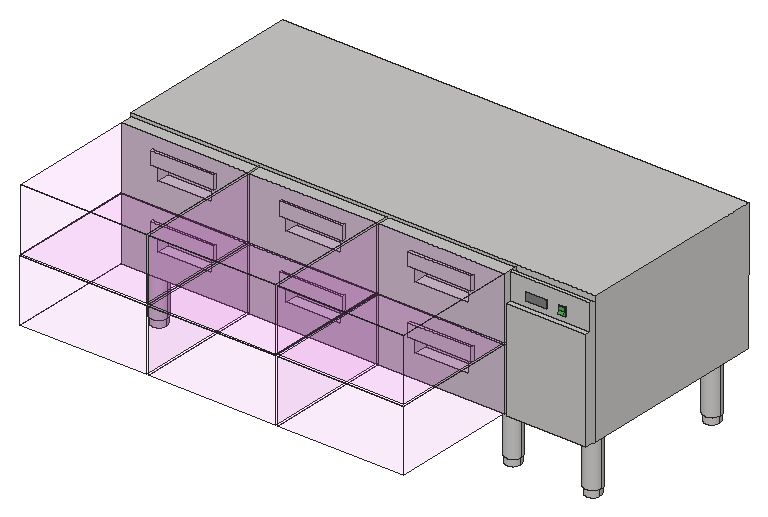
Revit family "QF_ELECTROLUXPROFESSIONAL_371296_E7TTBECOMKN", category Specialty Equipment, Revit 2018
Family settings
  Round Connector Dimension = Use Diameter
  Part Type = Normal
  Work Plane-Based = No
  Always vertical = Yes
  Cut with Voids When Loaded = No
  Shared = No
  Room Calculation Point = No
Parameters
  Weight = 110.00 kg
  Watts = 0 W
  Volts = 0 V
  URL Manufacturer = ""
  URL = ""
  Steam Supply Size = 0 mm
  Steam Supply Minimum Pressure = 0.0 Pa
  Steam Supply Maximum Pressure = 0.0 Pa
  Steam Pounds per Hour = 0
  Refrigeration Suction Line Size = 0 mm
  Refrigeration Liquid Line Size = 0 mm
  Refrigerant Compressor Remote = yes
  Manufacturer = ""
  Phase = 0
  Model = ""
  Length Actual = 1600 mm  # constant formula
  Item Number = ""
  Hot Water Size = 0 mm
  Height Actual = 600 mm  # constant formula
  HP = "0.5 HP"
  Gas Size = 0 mm
  Gas KW = 0
  Gas Input Pressure = 0 W
  Direct Waste Size = 12.7 mm
  Description = ""
  Depth Actual = 700 mm  # constant formula
  Cycle = 0 Hz
  Condensate Return Size = 0 mm
  Compressed Air Volume = 0.0 L/s
  Compressed Air Size = 0 mm
  Compressed Air Pressure = 0.0 Pa
  Cold Water Size = 0 mm
  Accessory = yes
Reference planes
  plane 1 "Center X": y = 0
  plane 2: z = 0
  plane 3 "Centro (Sinistra/Destra)": x = 0
  plane 4: z = 200
  plane 5 "TOP": z = 650
  plane 6 "BACK": y = 350
  plane 7 "FRONT": y = -350
  plane 8 "LEFT": x = -800
  plane 9 "RIGHT": x = 800
  plane 10: y = -303
  plane 11: y = -348
  plane 12: x = -745
  plane 13: x = 745
  plane 14: x = 471
  plane 15: y = 262
  plane 16: y = -249
  plane 17: x = 286
  plane 18: x = -799
  plane 19: x = 799
  plane 20: y = 190
  plane 21: x = 758
  plane 22: z = 425
  plane 23: z = 422.5
  plane 24: z = 427.5
Forms (mm)
  Extrusion 1, solid, material "QF_Finishes_Stainless Steel"
    sketch origin (0, 0, 650) x (-1, 0, 0) y (0, -1, 0)
      loop
        line (799, -350) -> (799, 303) -> (-799, 303) -> (-799, -350) -> (799, -350)
    from -450 to 0
  Extrusion 2, solid, material "QF_Finishes_Stainless Steel"
    sketch origin (200, -342.999, 0) x (-1, 0, 0) y (0, 0, 1)
      loop
        line (995, 427.5) -> (995, 640.994) -> (560.999, 640.994) -> (560.999, 427.5) -> (995, 427.5)
      loop
        line (871.3, 506.706) -> (871.3, 585) -> (684.699, 585) -> (684.699, 506.706) -> (871.3, 506.706)
    from -5.001 to 39.999
  Extrusion 3, solid, material "QF_Door-Drawer Clearances"
    sketch origin (200, -348, 0) x (1, 0, 0) y (0, 0, 1)
      loop
        line (-995, 640.994) -> (-995, 427.5) -> (-560.999, 427.5) -> (-560.999, 640.994) -> (-995, 640.994)
    from 0 to 434
  Extrusion 4, solid, material "QF_Finishes_Stainless Steel"
    sketch origin (204, -348, 0) x (1, 0, 0) y (0, 0, 1)
      loop
        line (-890.3, 598.969) -> (-890.3, 553.969) -> (-673.699, 553.969) -> (-673.699, 598.969) -> (-890.3, 598.969)
    from 0 to 10
  Extrusion 5, solid, material "QF_Finishes_Stainless Steel"
    sketch origin (198, 0, 0) x (1, 0, 0) y (0, 1, 0)
      loop
        circle (560, 190) r 6
    from 189.987 to 200
  Extrusion 6, solid, material "QF_Finishes_Stainless Steel"
    sketch origin (798, 66.551, 0) x (0, 1, 0) y (0, 0, 1)
      loop
        line (-369.551, 629.527) -> (-386.314, 640.994) -> (-397.65, 640.994) -> (-397.65, 549.796) -> (-414.551, 549.796) -> (-414.551, 204.796) -> (-384.714, 204.796) -> (-374.993, 200) -> (-369.551, 200) -> (-369.551, 629.527)
    from 0 to -271
  Extrusion 7, solid, material "QF_Finishes_Black"
    sketch origin (782, -331.099, 630.994) x (0, 0, -1) y (1, 0, 0)
      loop
        line (32.198, -86.899) -> (61.199, -86.899) -> (61.199, -64.9) -> (32.198, -64.9) -> (32.198, -86.899)
    from 0 to 1.6
  Extrusion 8, solid, material "QF_Finishes_Grey"
    sketch origin (788, -331.099, 630.994) x (0, 0, -1) y (1, 0, 0)
      loop
        line (32.198, -206.099) -> (61.199, -206.099) -> (61.199, -136.099) -> (32.198, -136.099) -> (32.198, -206.099)
    from 0 to 1.6
  Extrusion 9, solid, material "QF_Finishes_Green"
    sketch origin (717.1, -331.099, 598.796) x (0, 0, -1) y (0, 1, 0)
      loop
        line (2.279, -3.281) -> (14.5, -3.281) -> (25.308, -8.985)
        arc (25.308, -8.985) -> (26.537, -5.394) -> (26.605, -1.6) r 12.221
        line (26.605, -1.6) -> (2.395, -1.6)
        arc (2.395, -1.6) -> (2.308, -2.439) -> (2.279, -3.281) r 12.221
    from -20 to -2
  Extrusion 10, solid, material "QF_Finishes_Stainless Steel"
    sketch origin (644.031, -342.999, 0) x (-1, 0, 0) y (0, 0, 1)
      loop
        line (997, 427.5) -> (997, 640.994) -> (563, 640.994) -> (563, 427.5) -> (997, 427.5)
      loop
        line (873.3, 506.706) -> (873.3, 585) -> (686.699, 585) -> (686.699, 506.706) -> (873.3, 506.706)
    from -5.001 to 39.999
  Extrusion 11, solid, material "QF_Door-Drawer Clearances"
    sketch origin (644.031, -348, 0) x (1, 0, 0) y (0, 0, 1)
      loop
        line (-997, 640.994) -> (-997, 427.5) -> (-563, 427.5) -> (-563, 640.994) -> (-997, 640.994)
    from 0 to 434
  Extrusion 12, solid, material "QF_Finishes_Stainless Steel"
    sketch origin (647.732, -348, 0) x (1, 0, 0) y (0, 0, 1)
      loop
        line (-892.001, 598.969) -> (-892.001, 553.969) -> (-675.4, 553.969) -> (-675.4, 598.969) -> (-892.001, 598.969)
    from 0 to 10
  Extrusion 13, solid, material "QF_Finishes_Stainless Steel"
    sketch origin (1076.461, -342.999, 0) x (-1, 0, 0) y (0, 0, 1)
      loop
        line (553.461, 427.5) -> (987.5, 427.5) -> (987.5, 640.994) -> (553.461, 640.994) -> (553.461, 427.5)
      loop
        line (863.8, 506.706) -> (863.8, 585) -> (677.199, 585) -> (677.199, 506.706) -> (863.8, 506.706)
    from -5.001 to 39.999
  Extrusion 14, solid, material "QF_Door-Drawer Clearances"
    sketch origin (1076.461, -348, 0) x (1, 0, 0) y (0, 0, 1)
      loop
        line (-553.461, 640.994) -> (-987.5, 640.994) -> (-987.5, 427.5) -> (-553.461, 427.5) -> (-553.461, 640.994)
    from 0 to 434
  Extrusion 15, solid, material "QF_Finishes_Stainless Steel"
    sketch origin (1076.461, -348, 0) x (1, 0, 0) y (0, 0, 1)
      loop
        line (-878.8, 598.969) -> (-878.8, 553.969) -> (-662.199, 553.969) -> (-662.199, 598.969) -> (-878.8, 598.969)
    from 0 to 10
  Extrusion 16, solid, material "QF_Finishes_Stainless Steel"
    sketch origin (200, -342.999, -218.494) x (-1, 0, 0) y (0, 0, 1)
      loop
        line (995, 427.5) -> (995, 640.994) -> (560.999, 640.994) -> (560.999, 427.5) -> (995, 427.5)
      loop
        line (871.3, 506.706) -> (871.3, 585) -> (684.699, 585) -> (684.699, 506.706) -> (871.3, 506.706)
    from -5.001 to 39.999
  Extrusion 17, solid, material "QF_Door-Drawer Clearances"
    sketch origin (200, -348, -218.494) x (1, 0, 0) y (0, 0, 1)
      loop
        line (-995, 640.994) -> (-995, 427.5) -> (-560.999, 427.5) -> (-560.999, 640.994) -> (-995, 640.994)
    from 0 to 434
  Extrusion 18, solid, material "QF_Finishes_Stainless Steel"
    sketch origin (204, -348, -218.494) x (1, 0, 0) y (0, 0, 1)
      loop
        line (-890.3, 598.969) -> (-890.3, 553.969) -> (-673.699, 553.969) -> (-673.699, 598.969) -> (-890.3, 598.969)
    from 0 to 10
  Extrusion 19, solid, material "QF_Finishes_Stainless Steel"
    sketch origin (644.031, -342.999, -218.494) x (-1, 0, 0) y (0, 0, 1)
      loop
        line (997, 427.5) -> (997, 640.994) -> (563, 640.994) -> (563, 427.5) -> (997, 427.5)
      loop
        line (873.3, 506.706) -> (873.3, 585) -> (686.699, 585) -> (686.699, 506.706) -> (873.3, 506.706)
    from -5.001 to 39.999
  Extrusion 20, solid, material "QF_Door-Drawer Clearances"
    sketch origin (644.031, -348, -218.494) x (1, 0, 0) y (0, 0, 1)
      loop
        line (-997, 640.994) -> (-997, 427.5) -> (-563, 427.5) -> (-563, 640.994) -> (-997, 640.994)
    from 0 to 434
  Extrusion 21, solid, material "QF_Finishes_Stainless Steel"
    sketch origin (647.732, -348, -218.494) x (1, 0, 0) y (0, 0, 1)
      loop
        line (-892.001, 598.969) -> (-892.001, 553.969) -> (-675.4, 553.969) -> (-675.4, 598.969) -> (-892.001, 598.969)
    from 0 to 10
  Extrusion 22, solid, material "QF_Finishes_Stainless Steel"
    sketch origin (1082.461, -342.999, -218.494) x (-1, 0, 0) y (0, 0, 1)
      loop
        line (559.461, 427.5) -> (993.5, 427.5) -> (993.5, 640.994) -> (559.461, 640.994) -> (559.461, 427.5)
      loop
        line (869.8, 506.706) -> (869.8, 585) -> (683.199, 585) -> (683.199, 506.706) -> (869.8, 506.706)
    from -5.001 to 39.999
  Extrusion 23, solid, material "QF_Door-Drawer Clearances"
    sketch origin (1082.461, -348, -218.494) x (1, 0, 0) y (0, 0, 1)
      loop
        line (-559.461, 640.994) -> (-993.5, 640.994) -> (-993.5, 427.5) -> (-559.461, 427.5) -> (-559.461, 640.994)
    from 0 to 434
  Extrusion 24, solid, material "QF_Finishes_Stainless Steel"
    sketch origin (1082.461, -348, -218.494) x (1, 0, 0) y (0, 0, 1)
      loop
        line (-884.8, 598.969) -> (-884.8, 553.969) -> (-668.199, 553.969) -> (-668.199, 598.969) -> (-884.8, 598.969)
    from 0 to 10
Lines and regions (mm)
  Split face 1
    outline origin (788, -332.699, 630.994) x (0, 0, -1) y (1, 0, 0)
      loop
        line (37.198, -196.099) -> (52.198, -196.099) -> (52.198, -146.099) -> (37.198, -146.099) -> (37.198, -196.099)
  Split face 2
    outline origin (788, -332.699, 630.994) x (0, 0, -1) y (1, 0, 0)
      loop
        circle (44.698, -143.099) r 1.2
  Split face 3
    outline origin (788, -332.699, 630.994) x (0, 0, -1) y (1, 0, 0)
      loop
        circle (39.698, -143.099) r 1.2
  Split face 4
    outline origin (788, -332.699, 630.994) x (0, 0, -1) y (1, 0, 0)
      loop
        circle (49.698, -143.099) r 1.2
  Split face 5
    outline origin (788, -332.699, 630.994) x (0, 0, -1) y (1, 0, 0)
      loop
        circle (39.698, -199.099) r 1.2
  Split face 6
    outline origin (788, -332.699, 630.994) x (0, 0, -1) y (1, 0, 0)
      loop
        circle (44.698, -199.099) r 1.2
  Split face 7
    outline origin (788, -332.699, 630.994) x (0, 0, -1) y (1, 0, 0)
      loop
        circle (49.698, -199.099) r 1.2
  Split face 8
    outline origin (788, -332.699, 630.994) x (0, 0, -1) y (1, 0, 0)
      loop
        line (59.151, -196.099) -> (59.151, -185.099) -> (54.151, -185.099) -> (54.151, -196.099) -> (59.151, -196.099)
  Split face 9
    outline origin (788, -332.699, 630.994) x (0, 0, -1) y (1, 0, 0)
      loop
        line (54.151, -183.099) -> (59.151, -183.099) -> (59.151, -172.099) -> (54.151, -172.099) -> (54.151, -183.099)
  Split face 10
    outline origin (801, -332.699, 630.994) x (0, 0, -1) y (1, 0, 0)
      loop
        line (54.151, -183.099) -> (59.151, -183.099) -> (59.151, -172.099) -> (54.151, -172.099) -> (54.151, -183.099)
  Split face 11
    outline origin (814, -332.699, 630.994) x (0, 0, -1) y (1, 0, 0)
      loop
        line (54.151, -183.099) -> (59.151, -183.099) -> (59.151, -172.099) -> (54.151, -172.099) -> (54.151, -183.099)
  Split face 12
    outline origin (798, -348, 412.291) x (0, 0, -1) y (1, 0, 0)
      loop
        arc (-85.025, -240.599) -> (-81.004, -236.61) -> (-85.004, -232.599) r 4
        line (-85.004, -232.599) -> (-117.004, -232.599)
        arc (-117.004, -232.599) -> (-121.004, -236.61) -> (-116.984, -240.599) r 4
        line (-116.984, -240.599) -> (-85.025, -240.599)
  Split face 13
    outline origin (810, -348, 412.291) x (0, 0, -1) y (1, 0, 0)
      loop
        arc (-85.025, -240.599) -> (-81.004, -236.61) -> (-85.004, -232.599) r 4
        line (-85.004, -232.599) -> (-117.004, -232.599)
        arc (-117.004, -232.599) -> (-121.004, -236.61) -> (-116.984, -240.599) r 4
        line (-116.984, -240.599) -> (-85.025, -240.599)
  Split face 14
    outline origin (822, -348, 412.291) x (0, 0, -1) y (1, 0, 0)
      loop
        arc (-85.025, -240.599) -> (-81.004, -236.61) -> (-85.004, -232.599) r 4
        line (-85.004, -232.599) -> (-117.004, -232.599)
        arc (-117.004, -232.599) -> (-121.004, -236.61) -> (-116.984, -240.599) r 4
        line (-116.984, -240.599) -> (-85.025, -240.599)
  Split face 15
    outline origin (833.897, -348, 412.291) x (0, 0, -1) y (1, 0, 0)
      loop
        arc (-85.025, -240.599) -> (-81.004, -236.61) -> (-85.004, -232.599) r 4
        line (-85.004, -232.599) -> (-117.004, -232.599)
        arc (-117.004, -232.599) -> (-121.004, -236.61) -> (-116.984, -240.599) r 4
        line (-116.984, -240.599) -> (-85.025, -240.599)
  Split face 16
    outline origin (845.896, -348, 412.291) x (0, 0, -1) y (1, 0, 0)
      loop
        arc (-85.025, -240.599) -> (-81.004, -236.61) -> (-85.004, -232.599) r 4
        line (-85.004, -232.599) -> (-117.004, -232.599)
        arc (-117.004, -232.599) -> (-121.004, -236.61) -> (-116.984, -240.599) r 4
        line (-116.984, -240.599) -> (-85.025, -240.599)
  Split face 17
    outline origin (857.896, -348, 412.291) x (0, 0, -1) y (1, 0, 0)
      loop
        arc (-85.025, -240.599) -> (-81.004, -236.61) -> (-85.004, -232.599) r 4
        line (-85.004, -232.599) -> (-117.004, -232.599)
        arc (-117.004, -232.599) -> (-121.004, -236.61) -> (-116.984, -240.599) r 4
        line (-116.984, -240.599) -> (-85.025, -240.599)
  Split face 18
    outline origin (869.896, -348, 412.291) x (0, 0, -1) y (1, 0, 0)
      loop
        arc (-85.025, -240.599) -> (-81.004, -236.61) -> (-85.004, -232.599) r 4
        line (-85.004, -232.599) -> (-117.004, -232.599)
        arc (-117.004, -232.599) -> (-121.004, -236.61) -> (-116.984, -240.599) r 4
        line (-116.984, -240.599) -> (-85.025, -240.599)
  Split face 19
    outline origin (881.897, -348, 412.291) x (0, 0, -1) y (1, 0, 0)
      loop
        arc (-85.025, -240.599) -> (-81.004, -236.61) -> (-85.004, -232.599) r 4
        line (-85.004, -232.599) -> (-117.004, -232.599)
        arc (-117.004, -232.599) -> (-121.004, -236.61) -> (-116.984, -240.599) r 4
        line (-116.984, -240.599) -> (-85.025, -240.599)
  Split face 20
    outline origin (893.896, -348, 412.291) x (0, 0, -1) y (1, 0, 0)
      loop
        arc (-85.025, -240.599) -> (-81.004, -236.61) -> (-85.004, -232.599) r 4
        line (-85.004, -232.599) -> (-117.004, -232.599)
        arc (-117.004, -232.599) -> (-121.004, -236.61) -> (-116.984, -240.599) r 4
        line (-116.984, -240.599) -> (-85.025, -240.599)
  Split face 21
    outline origin (905.896, -348, 412.291) x (0, 0, -1) y (1, 0, 0)
      loop
        arc (-85.025, -242.399) -> (-81.004, -238.41) -> (-85.004, -234.4) r 4
        line (-85.004, -234.4) -> (-117.004, -234.4)
        arc (-117.004, -234.4) -> (-121.004, -238.41) -> (-116.984, -242.399) r 4
        line (-116.984, -242.399) -> (-85.025, -242.399)
  Split face 22
    outline origin (917.896, -348, 412.291) x (0, 0, -1) y (1, 0, 0)
      loop
        arc (-85.025, -242.399) -> (-81.004, -238.41) -> (-85.004, -234.4) r 4
        line (-85.004, -234.4) -> (-117.004, -234.4)
        arc (-117.004, -234.4) -> (-121.004, -238.41) -> (-116.984, -242.399) r 4
        line (-116.984, -242.399) -> (-85.025, -242.399)
  Split face 23
    outline origin (929.896, -348, 412.291) x (0, 0, -1) y (1, 0, 0)
      loop
        arc (-85.025, -242.399) -> (-81.004, -238.41) -> (-85.004, -234.4) r 4
        line (-85.004, -234.4) -> (-117.004, -234.4)
        arc (-117.004, -234.4) -> (-121.004, -238.41) -> (-116.984, -242.399) r 4
        line (-116.984, -242.399) -> (-85.025, -242.399)
  Split face 24
    outline origin (941.896, -348, 412.291) x (0, 0, -1) y (1, 0, 0)
      loop
        arc (-85.025, -242.399) -> (-81.004, -238.41) -> (-85.004, -234.4) r 4
        line (-85.004, -234.4) -> (-117.004, -234.4)
        arc (-117.004, -234.4) -> (-121.004, -238.41) -> (-116.984, -242.399) r 4
        line (-116.984, -242.399) -> (-85.025, -242.399)
  Split face 25
    outline origin (953.896, -348, 412.291) x (0, 0, -1) y (1, 0, 0)
      loop
        arc (-85.025, -242.399) -> (-81.004, -238.41) -> (-85.004, -234.4) r 4
        line (-85.004, -234.4) -> (-117.004, -234.4)
        arc (-117.004, -234.4) -> (-121.004, -238.41) -> (-116.984, -242.399) r 4
        line (-116.984, -242.399) -> (-85.025, -242.399)
  Split face 26
    outline origin (965.896, -348, 412.291) x (0, 0, -1) y (1, 0, 0)
      loop
        arc (-85.025, -242.399) -> (-81.004, -238.41) -> (-85.004, -234.4) r 4
        line (-85.004, -234.4) -> (-117.004, -234.4)
        arc (-117.004, -234.4) -> (-121.004, -238.41) -> (-116.984, -242.399) r 4
        line (-116.984, -242.399) -> (-85.025, -242.399)
  Split face 27
    outline origin (977.896, -348, 412.291) x (0, 0, -1) y (1, 0, 0)
      loop
        arc (-85.025, -242.399) -> (-81.004, -238.41) -> (-85.004, -234.4) r 4
        line (-85.004, -234.4) -> (-117.004, -234.4)
        arc (-117.004, -234.4) -> (-121.004, -238.41) -> (-116.984, -242.399) r 4
        line (-116.984, -242.399) -> (-85.025, -242.399)
  Split face 28
    outline origin (989.896, -348, 412.291) x (0, 0, -1) y (1, 0, 0)
      loop
        arc (-85.025, -242.399) -> (-81.004, -238.41) -> (-85.004, -234.4) r 4
        line (-85.004, -234.4) -> (-117.004, -234.4)
        arc (-117.004, -234.4) -> (-121.004, -238.41) -> (-116.984, -242.399) r 4
        line (-116.984, -242.399) -> (-85.025, -242.399)
  Split face 29
    outline origin (1001.896, -348, 412.291) x (0, 0, -1) y (1, 0, 0)
      loop
        arc (-85.025, -242.399) -> (-81.004, -238.41) -> (-85.004, -234.4) r 4
        line (-85.004, -234.4) -> (-117.004, -234.4)
        arc (-117.004, -234.4) -> (-121.004, -238.41) -> (-116.984, -242.399) r 4
        line (-116.984, -242.399) -> (-85.025, -242.399)
  Split face 30
    outline origin (1013.896, -348, 412.291) x (0, 0, -1) y (1, 0, 0)
      loop
        arc (-85.025, -242.399) -> (-81.004, -238.41) -> (-85.004, -234.4) r 4
        line (-85.004, -234.4) -> (-117.004, -234.4)
        arc (-117.004, -234.4) -> (-121.004, -238.41) -> (-116.984, -242.399) r 4
        line (-116.984, -242.399) -> (-85.025, -242.399)
  Split face 31
    outline origin (786, -348, 412.291) x (0, 0, -1) y (1, 0, 0)
      loop
        arc (-85.025, -240.599) -> (-81.004, -236.61) -> (-85.004, -232.599) r 4
        line (-85.004, -232.599) -> (-117.004, -232.599)
        arc (-117.004, -232.599) -> (-121.004, -236.61) -> (-116.984, -240.599) r 4
        line (-116.984, -240.599) -> (-85.025, -240.599)
  Split face 32
    outline origin (798, -348, 367.29) x (0, 0, -1) y (1, 0, 0)
      loop
        arc (-85.025, -240.599) -> (-81.004, -236.61) -> (-85.004, -232.599) r 4
        line (-85.004, -232.599) -> (-117.004, -232.599)
        arc (-117.004, -232.599) -> (-121.004, -236.61) -> (-116.984, -240.599) r 4
        line (-116.984, -240.599) -> (-85.025, -240.599)
  Split face 33
    outline origin (810, -348, 367.29) x (0, 0, -1) y (1, 0, 0)
      loop
        arc (-85.025, -240.599) -> (-81.004, -236.61) -> (-85.004, -232.599) r 4
        line (-85.004, -232.599) -> (-117.004, -232.599)
        arc (-117.004, -232.599) -> (-121.004, -236.61) -> (-116.984, -240.599) r 4
        line (-116.984, -240.599) -> (-85.025, -240.599)
  Split face 34
    outline origin (822, -348, 367.29) x (0, 0, -1) y (1, 0, 0)
      loop
        arc (-85.025, -240.599) -> (-81.004, -236.61) -> (-85.004, -232.599) r 4
        line (-85.004, -232.599) -> (-117.004, -232.599)
        arc (-117.004, -232.599) -> (-121.004, -236.61) -> (-116.984, -240.599) r 4
        line (-116.984, -240.599) -> (-85.025, -240.599)
  Split face 35
    outline origin (833.897, -348, 367.29) x (0, 0, -1) y (1, 0, 0)
      loop
        arc (-85.025, -240.599) -> (-81.004, -236.61) -> (-85.004, -232.599) r 4
        line (-85.004, -232.599) -> (-117.004, -232.599)
        arc (-117.004, -232.599) -> (-121.004, -236.61) -> (-116.984, -240.599) r 4
        line (-116.984, -240.599) -> (-85.025, -240.599)
  Split face 36
    outline origin (845.896, -348, 367.29) x (0, 0, -1) y (1, 0, 0)
      loop
        arc (-85.025, -240.599) -> (-81.004, -236.61) -> (-85.004, -232.599) r 4
        line (-85.004, -232.599) -> (-117.004, -232.599)
        arc (-117.004, -232.599) -> (-121.004, -236.61) -> (-116.984, -240.599) r 4
        line (-116.984, -240.599) -> (-85.025, -240.599)
  Split face 37
    outline origin (857.896, -348, 367.29) x (0, 0, -1) y (1, 0, 0)
      loop
        arc (-85.025, -240.599) -> (-81.004, -236.61) -> (-85.004, -232.599) r 4
        line (-85.004, -232.599) -> (-117.004, -232.599)
        arc (-117.004, -232.599) -> (-121.004, -236.61) -> (-116.984, -240.599) r 4
        line (-116.984, -240.599) -> (-85.025, -240.599)
  Split face 38
    outline origin (869.896, -348, 367.29) x (0, 0, -1) y (1, 0, 0)
      loop
        arc (-85.025, -240.599) -> (-81.004, -236.61) -> (-85.004, -232.599) r 4
        line (-85.004, -232.599) -> (-117.004, -232.599)
        arc (-117.004, -232.599) -> (-121.004, -236.61) -> (-116.984, -240.599) r 4
        line (-116.984, -240.599) -> (-85.025, -240.599)
  Split face 39
    outline origin (881.897, -348, 367.29) x (0, 0, -1) y (1, 0, 0)
      loop
        arc (-85.025, -240.599) -> (-81.004, -236.61) -> (-85.004, -232.599) r 4
        line (-85.004, -232.599) -> (-117.004, -232.599)
        arc (-117.004, -232.599) -> (-121.004, -236.61) -> (-116.984, -240.599) r 4
        line (-116.984, -240.599) -> (-85.025, -240.599)
  Split face 40
    outline origin (893.896, -348, 367.29) x (0, 0, -1) y (1, 0, 0)
      loop
        arc (-85.025, -240.599) -> (-81.004, -236.61) -> (-85.004, -232.599) r 4
        line (-85.004, -232.599) -> (-117.004, -232.599)
        arc (-117.004, -232.599) -> (-121.004, -236.61) -> (-116.984, -240.599) r 4
        line (-116.984, -240.599) -> (-85.025, -240.599)
  Split face 41
    outline origin (905.896, -348, 367.29) x (0, 0, -1) y (1, 0, 0)
      loop
        arc (-85.025, -242.399) -> (-81.004, -238.41) -> (-85.004, -234.4) r 4
        line (-85.004, -234.4) -> (-117.004, -234.4)
        arc (-117.004, -234.4) -> (-121.004, -238.41) -> (-116.984, -242.399) r 4
        line (-116.984, -242.399) -> (-85.025, -242.399)
  Split face 42
    outline origin (917.896, -348, 367.29) x (0, 0, -1) y (1, 0, 0)
      loop
        arc (-85.025, -242.399) -> (-81.004, -238.41) -> (-85.004, -234.4) r 4
        line (-85.004, -234.4) -> (-117.004, -234.4)
        arc (-117.004, -234.4) -> (-121.004, -238.41) -> (-116.984, -242.399) r 4
        line (-116.984, -242.399) -> (-85.025, -242.399)
  Split face 43
    outline origin (929.896, -348, 367.29) x (0, 0, -1) y (1, 0, 0)
      loop
        arc (-85.025, -242.399) -> (-81.004, -238.41) -> (-85.004, -234.4) r 4
        line (-85.004, -234.4) -> (-117.004, -234.4)
        arc (-117.004, -234.4) -> (-121.004, -238.41) -> (-116.984, -242.399) r 4
        line (-116.984, -242.399) -> (-85.025, -242.399)
  Split face 44
    outline origin (941.896, -348, 367.29) x (0, 0, -1) y (1, 0, 0)
      loop
        arc (-85.025, -242.399) -> (-81.004, -238.41) -> (-85.004, -234.4) r 4
        line (-85.004, -234.4) -> (-117.004, -234.4)
        arc (-117.004, -234.4) -> (-121.004, -238.41) -> (-116.984, -242.399) r 4
        line (-116.984, -242.399) -> (-85.025, -242.399)
  Split face 45
    outline origin (953.896, -348, 367.29) x (0, 0, -1) y (1, 0, 0)
      loop
        arc (-85.025, -242.399) -> (-81.004, -238.41) -> (-85.004, -234.4) r 4
        line (-85.004, -234.4) -> (-117.004, -234.4)
        arc (-117.004, -234.4) -> (-121.004, -238.41) -> (-116.984, -242.399) r 4
        line (-116.984, -242.399) -> (-85.025, -242.399)
  Split face 46
    outline origin (965.896, -348, 367.29) x (0, 0, -1) y (1, 0, 0)
      loop
        arc (-85.025, -242.399) -> (-81.004, -238.41) -> (-85.004, -234.4) r 4
        line (-85.004, -234.4) -> (-117.004, -234.4)
        arc (-117.004, -234.4) -> (-121.004, -238.41) -> (-116.984, -242.399) r 4
        line (-116.984, -242.399) -> (-85.025, -242.399)
  Split face 47
    outline origin (977.896, -348, 367.29) x (0, 0, -1) y (1, 0, 0)
      loop
        arc (-85.025, -242.399) -> (-81.004, -238.41) -> (-85.004, -234.4) r 4
        line (-85.004, -234.4) -> (-117.004, -234.4)
        arc (-117.004, -234.4) -> (-121.004, -238.41) -> (-116.984, -242.399) r 4
        line (-116.984, -242.399) -> (-85.025, -242.399)
  Split face 48
    outline origin (989.896, -348, 367.29) x (0, 0, -1) y (1, 0, 0)
      loop
        arc (-85.025, -242.399) -> (-81.004, -238.41) -> (-85.004, -234.4) r 4
        line (-85.004, -234.4) -> (-117.004, -234.4)
        arc (-117.004, -234.4) -> (-121.004, -238.41) -> (-116.984, -242.399) r 4
        line (-116.984, -242.399) -> (-85.025, -242.399)
  Split face 49
    outline origin (1001.896, -348, 367.29) x (0, 0, -1) y (1, 0, 0)
      loop
        arc (-85.025, -242.399) -> (-81.004, -238.41) -> (-85.004, -234.4) r 4
        line (-85.004, -234.4) -> (-117.004, -234.4)
        arc (-117.004, -234.4) -> (-121.004, -238.41) -> (-116.984, -242.399) r 4
        line (-116.984, -242.399) -> (-85.025, -242.399)
  Split face 50
    outline origin (1013.896, -348, 367.29) x (0, 0, -1) y (1, 0, 0)
      loop
        arc (-85.025, -242.399) -> (-81.004, -238.41) -> (-85.004, -234.4) r 4
        line (-85.004, -234.4) -> (-117.004, -234.4)
        arc (-117.004, -234.4) -> (-121.004, -238.41) -> (-116.984, -242.399) r 4
        line (-116.984, -242.399) -> (-85.025, -242.399)
  Split face 51
    outline origin (786, -348, 367.29) x (0, 0, -1) y (1, 0, 0)
      loop
        arc (-85.025, -240.599) -> (-81.004, -236.61) -> (-85.004, -232.599) r 4
        line (-85.004, -232.599) -> (-117.004, -232.599)
        arc (-117.004, -232.599) -> (-121.004, -236.61) -> (-116.984, -240.599) r 4
        line (-116.984, -240.599) -> (-85.025, -240.599)
  Split face 52
    outline origin (798, -348, 322.29) x (0, 0, -1) y (1, 0, 0)
      loop
        arc (-85.025, -240.599) -> (-81.004, -236.61) -> (-85.004, -232.599) r 4
        line (-85.004, -232.599) -> (-117.004, -232.599)
        arc (-117.004, -232.599) -> (-121.004, -236.61) -> (-116.984, -240.599) r 4
        line (-116.984, -240.599) -> (-85.025, -240.599)
  Split face 53
    outline origin (810, -348, 322.29) x (0, 0, -1) y (1, 0, 0)
      loop
        arc (-85.025, -240.599) -> (-81.004, -236.61) -> (-85.004, -232.599) r 4
        line (-85.004, -232.599) -> (-117.004, -232.599)
        arc (-117.004, -232.599) -> (-121.004, -236.61) -> (-116.984, -240.599) r 4
        line (-116.984, -240.599) -> (-85.025, -240.599)
  Split face 54
    outline origin (822, -348, 322.29) x (0, 0, -1) y (1, 0, 0)
      loop
        arc (-85.025, -240.599) -> (-81.004, -236.61) -> (-85.004, -232.599) r 4
        line (-85.004, -232.599) -> (-117.004, -232.599)
        arc (-117.004, -232.599) -> (-121.004, -236.61) -> (-116.984, -240.599) r 4
        line (-116.984, -240.599) -> (-85.025, -240.599)
  Split face 55
    outline origin (833.897, -348, 322.29) x (0, 0, -1) y (1, 0, 0)
      loop
        arc (-85.025, -240.599) -> (-81.004, -236.61) -> (-85.004, -232.599) r 4
        line (-85.004, -232.599) -> (-117.004, -232.599)
        arc (-117.004, -232.599) -> (-121.004, -236.61) -> (-116.984, -240.599) r 4
        line (-116.984, -240.599) -> (-85.025, -240.599)
  Split face 56
    outline origin (845.896, -348, 322.29) x (0, 0, -1) y (1, 0, 0)
      loop
        arc (-85.025, -240.599) -> (-81.004, -236.61) -> (-85.004, -232.599) r 4
        line (-85.004, -232.599) -> (-117.004, -232.599)
        arc (-117.004, -232.599) -> (-121.004, -236.61) -> (-116.984, -240.599) r 4
        line (-116.984, -240.599) -> (-85.025, -240.599)
  Split face 57
    outline origin (857.896, -348, 322.29) x (0, 0, -1) y (1, 0, 0)
      loop
        arc (-85.025, -240.599) -> (-81.004, -236.61) -> (-85.004, -232.599) r 4
        line (-85.004, -232.599) -> (-117.004, -232.599)
        arc (-117.004, -232.599) -> (-121.004, -236.61) -> (-116.984, -240.599) r 4
        line (-116.984, -240.599) -> (-85.025, -240.599)
  Split face 58
    outline origin (869.896, -348, 322.29) x (0, 0, -1) y (1, 0, 0)
      loop
        arc (-85.025, -240.599) -> (-81.004, -236.61) -> (-85.004, -232.599) r 4
        line (-85.004, -232.599) -> (-117.004, -232.599)
        arc (-117.004, -232.599) -> (-121.004, -236.61) -> (-116.984, -240.599) r 4
        line (-116.984, -240.599) -> (-85.025, -240.599)
  Split face 59
    outline origin (881.897, -348, 322.29) x (0, 0, -1) y (1, 0, 0)
      loop
        arc (-85.025, -240.599) -> (-81.004, -236.61) -> (-85.004, -232.599) r 4
        line (-85.004, -232.599) -> (-117.004, -232.599)
        arc (-117.004, -232.599) -> (-121.004, -236.61) -> (-116.984, -240.599) r 4
        line (-116.984, -240.599) -> (-85.025, -240.599)
  Split face 60
    outline origin (893.896, -348, 322.29) x (0, 0, -1) y (1, 0, 0)
      loop
        arc (-85.025, -240.599) -> (-81.004, -236.61) -> (-85.004, -232.599) r 4
        line (-85.004, -232.599) -> (-117.004, -232.599)
        arc (-117.004, -232.599) -> (-121.004, -236.61) -> (-116.984, -240.599) r 4
        line (-116.984, -240.599) -> (-85.025, -240.599)
  Split face 61
    outline origin (905.896, -348, 322.29) x (0, 0, -1) y (1, 0, 0)
      loop
        arc (-85.025, -242.399) -> (-81.004, -238.41) -> (-85.004, -234.4) r 4
        line (-85.004, -234.4) -> (-117.004, -234.4)
        arc (-117.004, -234.4) -> (-121.004, -238.41) -> (-116.984, -242.399) r 4
        line (-116.984, -242.399) -> (-85.025, -242.399)
  Split face 62
    outline origin (917.896, -348, 322.29) x (0, 0, -1) y (1, 0, 0)
      loop
        arc (-85.025, -242.399) -> (-81.004, -238.41) -> (-85.004, -234.4) r 4
        line (-85.004, -234.4) -> (-117.004, -234.4)
        arc (-117.004, -234.4) -> (-121.004, -238.41) -> (-116.984, -242.399) r 4
        line (-116.984, -242.399) -> (-85.025, -242.399)
  Split face 63
    outline origin (929.896, -348, 322.29) x (0, 0, -1) y (1, 0, 0)
      loop
        arc (-85.025, -242.399) -> (-81.004, -238.41) -> (-85.004, -234.4) r 4
        line (-85.004, -234.4) -> (-117.004, -234.4)
        arc (-117.004, -234.4) -> (-121.004, -238.41) -> (-116.984, -242.399) r 4
        line (-116.984, -242.399) -> (-85.025, -242.399)
  Split face 64
    outline origin (941.896, -348, 322.29) x (0, 0, -1) y (1, 0, 0)
      loop
        arc (-85.025, -242.399) -> (-81.004, -238.41) -> (-85.004, -234.4) r 4
        line (-85.004, -234.4) -> (-117.004, -234.4)
        arc (-117.004, -234.4) -> (-121.004, -238.41) -> (-116.984, -242.399) r 4
        line (-116.984, -242.399) -> (-85.025, -242.399)
  Split face 65
    outline origin (953.896, -348, 322.29) x (0, 0, -1) y (1, 0, 0)
      loop
        arc (-85.025, -242.399) -> (-81.004, -238.41) -> (-85.004, -234.4) r 4
        line (-85.004, -234.4) -> (-117.004, -234.4)
        arc (-117.004, -234.4) -> (-121.004, -238.41) -> (-116.984, -242.399) r 4
        line (-116.984, -242.399) -> (-85.025, -242.399)
  Split face 66
    outline origin (965.896, -348, 322.29) x (0, 0, -1) y (1, 0, 0)
      loop
        arc (-85.025, -242.399) -> (-81.004, -238.41) -> (-85.004, -234.4) r 4
        line (-85.004, -234.4) -> (-117.004, -234.4)
        arc (-117.004, -234.4) -> (-121.004, -238.41) -> (-116.984, -242.399) r 4
        line (-116.984, -242.399) -> (-85.025, -242.399)
  Split face 67
    outline origin (977.896, -348, 322.29) x (0, 0, -1) y (1, 0, 0)
      loop
        arc (-85.025, -242.399) -> (-81.004, -238.41) -> (-85.004, -234.4) r 4
        line (-85.004, -234.4) -> (-117.004, -234.4)
        arc (-117.004, -234.4) -> (-121.004, -238.41) -> (-116.984, -242.399) r 4
        line (-116.984, -242.399) -> (-85.025, -242.399)
  Split face 68
    outline origin (989.896, -348, 322.29) x (0, 0, -1) y (1, 0, 0)
      loop
        arc (-85.025, -242.399) -> (-81.004, -238.41) -> (-85.004, -234.4) r 4
        line (-85.004, -234.4) -> (-117.004, -234.4)
        arc (-117.004, -234.4) -> (-121.004, -238.41) -> (-116.984, -242.399) r 4
        line (-116.984, -242.399) -> (-85.025, -242.399)
  Split face 69
    outline origin (1001.896, -348, 322.29) x (0, 0, -1) y (1, 0, 0)
      loop
        arc (-85.025, -242.399) -> (-81.004, -238.41) -> (-85.004, -234.4) r 4
        line (-85.004, -234.4) -> (-117.004, -234.4)
        arc (-117.004, -234.4) -> (-121.004, -238.41) -> (-116.984, -242.399) r 4
        line (-116.984, -242.399) -> (-85.025, -242.399)
  Split face 70
    outline origin (1013.896, -348, 322.29) x (0, 0, -1) y (1, 0, 0)
      loop
        arc (-85.025, -242.399) -> (-81.004, -238.41) -> (-85.004, -234.4) r 4
        line (-85.004, -234.4) -> (-117.004, -234.4)
        arc (-117.004, -234.4) -> (-121.004, -238.41) -> (-116.984, -242.399) r 4
        line (-116.984, -242.399) -> (-85.025, -242.399)
  Split face 71
    outline origin (786, -348, 322.29) x (0, 0, -1) y (1, 0, 0)
      loop
        arc (-85.025, -240.599) -> (-81.004, -236.61) -> (-85.004, -232.599) r 4
        line (-85.004, -232.599) -> (-117.004, -232.599)
        arc (-117.004, -232.599) -> (-121.004, -236.61) -> (-116.984, -240.599) r 4
        line (-116.984, -240.599) -> (-85.025, -240.599)
  Split face 72
    outline origin (798, -348, 277.29) x (0, 0, -1) y (1, 0, 0)
      loop
        arc (-85.025, -240.599) -> (-81.004, -236.61) -> (-85.004, -232.599) r 4
        line (-85.004, -232.599) -> (-117.004, -232.599)
        arc (-117.004, -232.599) -> (-121.004, -236.61) -> (-116.984, -240.599) r 4
        line (-116.984, -240.599) -> (-85.025, -240.599)
  Split face 73
    outline origin (810, -348, 277.29) x (0, 0, -1) y (1, 0, 0)
      loop
        arc (-85.025, -240.599) -> (-81.004, -236.61) -> (-85.004, -232.599) r 4
        line (-85.004, -232.599) -> (-117.004, -232.599)
        arc (-117.004, -232.599) -> (-121.004, -236.61) -> (-116.984, -240.599) r 4
        line (-116.984, -240.599) -> (-85.025, -240.599)
  Split face 74
    outline origin (822, -348, 277.29) x (0, 0, -1) y (1, 0, 0)
      loop
        arc (-85.025, -240.599) -> (-81.004, -236.61) -> (-85.004, -232.599) r 4
        line (-85.004, -232.599) -> (-117.004, -232.599)
        arc (-117.004, -232.599) -> (-121.004, -236.61) -> (-116.984, -240.599) r 4
        line (-116.984, -240.599) -> (-85.025, -240.599)
  Split face 75
    outline origin (833.897, -348, 277.29) x (0, 0, -1) y (1, 0, 0)
      loop
        arc (-85.025, -240.599) -> (-81.004, -236.61) -> (-85.004, -232.599) r 4
        line (-85.004, -232.599) -> (-117.004, -232.599)
        arc (-117.004, -232.599) -> (-121.004, -236.61) -> (-116.984, -240.599) r 4
        line (-116.984, -240.599) -> (-85.025, -240.599)
  Split face 76
    outline origin (845.896, -348, 277.29) x (0, 0, -1) y (1, 0, 0)
      loop
        arc (-85.025, -240.599) -> (-81.004, -236.61) -> (-85.004, -232.599) r 4
        line (-85.004, -232.599) -> (-117.004, -232.599)
        arc (-117.004, -232.599) -> (-121.004, -236.61) -> (-116.984, -240.599) r 4
        line (-116.984, -240.599) -> (-85.025, -240.599)
  Split face 77
    outline origin (857.896, -348, 277.29) x (0, 0, -1) y (1, 0, 0)
      loop
        arc (-85.025, -240.599) -> (-81.004, -236.61) -> (-85.004, -232.599) r 4
        line (-85.004, -232.599) -> (-117.004, -232.599)
        arc (-117.004, -232.599) -> (-121.004, -236.61) -> (-116.984, -240.599) r 4
        line (-116.984, -240.599) -> (-85.025, -240.599)
  Split face 78
    outline origin (869.896, -348, 277.29) x (0, 0, -1) y (1, 0, 0)
      loop
        arc (-85.025, -240.599) -> (-81.004, -236.61) -> (-85.004, -232.599) r 4
        line (-85.004, -232.599) -> (-117.004, -232.599)
        arc (-117.004, -232.599) -> (-121.004, -236.61) -> (-116.984, -240.599) r 4
        line (-116.984, -240.599) -> (-85.025, -240.599)
  Split face 79
    outline origin (881.897, -348, 277.29) x (0, 0, -1) y (1, 0, 0)
      loop
        arc (-85.025, -240.599) -> (-81.004, -236.61) -> (-85.004, -232.599) r 4
        line (-85.004, -232.599) -> (-117.004, -232.599)
        arc (-117.004, -232.599) -> (-121.004, -236.61) -> (-116.984, -240.599) r 4
        line (-116.984, -240.599) -> (-85.025, -240.599)
  Split face 80
    outline origin (893.896, -348, 277.29) x (0, 0, -1) y (1, 0, 0)
      loop
        arc (-85.025, -240.599) -> (-81.004, -236.61) -> (-85.004, -232.599) r 4
        line (-85.004, -232.599) -> (-117.004, -232.599)
        arc (-117.004, -232.599) -> (-121.004, -236.61) -> (-116.984, -240.599) r 4
        line (-116.984, -240.599) -> (-85.025, -240.599)
  Split face 81
    outline origin (905.896, -348, 277.29) x (0, 0, -1) y (1, 0, 0)
      loop
        arc (-85.025, -242.399) -> (-81.004, -238.41) -> (-85.004, -234.4) r 4
        line (-85.004, -234.4) -> (-117.004, -234.4)
        arc (-117.004, -234.4) -> (-121.004, -238.41) -> (-116.984, -242.399) r 4
        line (-116.984, -242.399) -> (-85.025, -242.399)
  Split face 82
    outline origin (917.896, -348, 277.29) x (0, 0, -1) y (1, 0, 0)
      loop
        arc (-85.025, -242.399) -> (-81.004, -238.41) -> (-85.004, -234.4) r 4
        line (-85.004, -234.4) -> (-117.004, -234.4)
        arc (-117.004, -234.4) -> (-121.004, -238.41) -> (-116.984, -242.399) r 4
        line (-116.984, -242.399) -> (-85.025, -242.399)
  Split face 83
    outline origin (929.896, -348, 277.29) x (0, 0, -1) y (1, 0, 0)
      loop
        arc (-85.025, -242.399) -> (-81.004, -238.41) -> (-85.004, -234.4) r 4
        line (-85.004, -234.4) -> (-117.004, -234.4)
        arc (-117.004, -234.4) -> (-121.004, -238.41) -> (-116.984, -242.399) r 4
        line (-116.984, -242.399) -> (-85.025, -242.399)
  Split face 84
    outline origin (941.896, -348, 277.29) x (0, 0, -1) y (1, 0, 0)
      loop
        arc (-85.025, -242.399) -> (-81.004, -238.41) -> (-85.004, -234.4) r 4
        line (-85.004, -234.4) -> (-117.004, -234.4)
        arc (-117.004, -234.4) -> (-121.004, -238.41) -> (-116.984, -242.399) r 4
        line (-116.984, -242.399) -> (-85.025, -242.399)
  Split face 85
    outline origin (953.896, -348, 277.29) x (0, 0, -1) y (1, 0, 0)
      loop
        arc (-85.025, -242.399) -> (-81.004, -238.41) -> (-85.004, -234.4) r 4
        line (-85.004, -234.4) -> (-117.004, -234.4)
        arc (-117.004, -234.4) -> (-121.004, -238.41) -> (-116.984, -242.399) r 4
        line (-116.984, -242.399) -> (-85.025, -242.399)
  Split face 86
    outline origin (965.896, -348, 277.29) x (0, 0, -1) y (1, 0, 0)
      loop
        arc (-85.025, -242.399) -> (-81.004, -238.41) -> (-85.004, -234.4) r 4
        line (-85.004, -234.4) -> (-117.004, -234.4)
        arc (-117.004, -234.4) -> (-121.004, -238.41) -> (-116.984, -242.399) r 4
        line (-116.984, -242.399) -> (-85.025, -242.399)
  Split face 87
    outline origin (977.896, -348, 277.29) x (0, 0, -1) y (1, 0, 0)
      loop
        arc (-85.025, -242.399) -> (-81.004, -238.41) -> (-85.004, -234.4) r 4
        line (-85.004, -234.4) -> (-117.004, -234.4)
        arc (-117.004, -234.4) -> (-121.004, -238.41) -> (-116.984, -242.399) r 4
        line (-116.984, -242.399) -> (-85.025, -242.399)
  Split face 88
    outline origin (989.896, -348, 277.29) x (0, 0, -1) y (1, 0, 0)
      loop
        arc (-85.025, -242.399) -> (-81.004, -238.41) -> (-85.004, -234.4) r 4
        line (-85.004, -234.4) -> (-117.004, -234.4)
        arc (-117.004, -234.4) -> (-121.004, -238.41) -> (-116.984, -242.399) r 4
        line (-116.984, -242.399) -> (-85.025, -242.399)
  Split face 89
    outline origin (1001.896, -348, 277.29) x (0, 0, -1) y (1, 0, 0)
      loop
        arc (-85.025, -242.399) -> (-81.004, -238.41) -> (-85.004, -234.4) r 4
        line (-85.004, -234.4) -> (-117.004, -234.4)
        arc (-117.004, -234.4) -> (-121.004, -238.41) -> (-116.984, -242.399) r 4
        line (-116.984, -242.399) -> (-85.025, -242.399)
  Split face 90
    outline origin (1013.896, -348, 277.29) x (0, 0, -1) y (1, 0, 0)
      loop
        arc (-85.025, -242.399) -> (-81.004, -238.41) -> (-85.004, -234.4) r 4
        line (-85.004, -234.4) -> (-117.004, -234.4)
        arc (-117.004, -234.4) -> (-121.004, -238.41) -> (-116.984, -242.399) r 4
        line (-116.984, -242.399) -> (-85.025, -242.399)
  Split face 91
    outline origin (786, -348, 277.29) x (0, 0, -1) y (1, 0, 0)
      loop
        arc (-85.025, -240.599) -> (-81.004, -236.61) -> (-85.004, -232.599) r 4
        line (-85.004, -232.599) -> (-117.004, -232.599)
        arc (-117.004, -232.599) -> (-121.004, -236.61) -> (-116.984, -240.599) r 4
        line (-116.984, -240.599) -> (-85.025, -240.599)
  Split face 92
    outline origin (798, -348, 232.29) x (0, 0, -1) y (1, 0, 0)
      loop
        arc (-85.025, -240.599) -> (-81.004, -236.61) -> (-85.004, -232.599) r 4
        line (-85.004, -232.599) -> (-117.004, -232.599)
        arc (-117.004, -232.599) -> (-121.004, -236.61) -> (-116.984, -240.599) r 4
        line (-116.984, -240.599) -> (-85.025, -240.599)
  Split face 93
    outline origin (810, -348, 232.29) x (0, 0, -1) y (1, 0, 0)
      loop
        arc (-85.025, -240.599) -> (-81.004, -236.61) -> (-85.004, -232.599) r 4
        line (-85.004, -232.599) -> (-117.004, -232.599)
        arc (-117.004, -232.599) -> (-121.004, -236.61) -> (-116.984, -240.599) r 4
        line (-116.984, -240.599) -> (-85.025, -240.599)
  Split face 94
    outline origin (822, -348, 232.29) x (0, 0, -1) y (1, 0, 0)
      loop
        arc (-85.025, -240.599) -> (-81.004, -236.61) -> (-85.004, -232.599) r 4
        line (-85.004, -232.599) -> (-117.004, -232.599)
        arc (-117.004, -232.599) -> (-121.004, -236.61) -> (-116.984, -240.599) r 4
        line (-116.984, -240.599) -> (-85.025, -240.599)
  Split face 95
    outline origin (833.897, -348, 232.29) x (0, 0, -1) y (1, 0, 0)
      loop
        arc (-85.025, -240.599) -> (-81.004, -236.61) -> (-85.004, -232.599) r 4
        line (-85.004, -232.599) -> (-117.004, -232.599)
        arc (-117.004, -232.599) -> (-121.004, -236.61) -> (-116.984, -240.599) r 4
        line (-116.984, -240.599) -> (-85.025, -240.599)
  Split face 96
    outline origin (845.896, -348, 232.29) x (0, 0, -1) y (1, 0, 0)
      loop
        arc (-85.025, -240.599) -> (-81.004, -236.61) -> (-85.004, -232.599) r 4
        line (-85.004, -232.599) -> (-117.004, -232.599)
        arc (-117.004, -232.599) -> (-121.004, -236.61) -> (-116.984, -240.599) r 4
        line (-116.984, -240.599) -> (-85.025, -240.599)
  Split face 97
    outline origin (857.896, -348, 232.29) x (0, 0, -1) y (1, 0, 0)
      loop
        arc (-85.025, -240.599) -> (-81.004, -236.61) -> (-85.004, -232.599) r 4
        line (-85.004, -232.599) -> (-117.004, -232.599)
        arc (-117.004, -232.599) -> (-121.004, -236.61) -> (-116.984, -240.599) r 4
        line (-116.984, -240.599) -> (-85.025, -240.599)
  Split face 98
    outline origin (869.896, -348, 232.29) x (0, 0, -1) y (1, 0, 0)
      loop
        arc (-85.025, -240.599) -> (-81.004, -236.61) -> (-85.004, -232.599) r 4
        line (-85.004, -232.599) -> (-117.004, -232.599)
        arc (-117.004, -232.599) -> (-121.004, -236.61) -> (-116.984, -240.599) r 4
        line (-116.984, -240.599) -> (-85.025, -240.599)
  Split face 99
    outline origin (881.897, -348, 232.29) x (0, 0, -1) y (1, 0, 0)
      loop
        arc (-85.025, -240.599) -> (-81.004, -236.61) -> (-85.004, -232.599) r 4
        line (-85.004, -232.599) -> (-117.004, -232.599)
        arc (-117.004, -232.599) -> (-121.004, -236.61) -> (-116.984, -240.599) r 4
        line (-116.984, -240.599) -> (-85.025, -240.599)
  Split face 100
    outline origin (893.896, -348, 232.29) x (0, 0, -1) y (1, 0, 0)
      loop
        arc (-85.025, -240.599) -> (-81.004, -236.61) -> (-85.004, -232.599) r 4
        line (-85.004, -232.599) -> (-117.004, -232.599)
        arc (-117.004, -232.599) -> (-121.004, -236.61) -> (-116.984, -240.599) r 4
        line (-116.984, -240.599) -> (-85.025, -240.599)
  Split face 101
    outline origin (905.896, -348, 232.29) x (0, 0, -1) y (1, 0, 0)
      loop
        arc (-85.025, -242.399) -> (-81.004, -238.41) -> (-85.004, -234.4) r 4
        line (-85.004, -234.4) -> (-117.004, -234.4)
        arc (-117.004, -234.4) -> (-121.004, -238.41) -> (-116.984, -242.399) r 4
        line (-116.984, -242.399) -> (-85.025, -242.399)
  Split face 102
    outline origin (917.896, -348, 232.29) x (0, 0, -1) y (1, 0, 0)
      loop
        arc (-85.025, -242.399) -> (-81.004, -238.41) -> (-85.004, -234.4) r 4
        line (-85.004, -234.4) -> (-117.004, -234.4)
        arc (-117.004, -234.4) -> (-121.004, -238.41) -> (-116.984, -242.399) r 4
        line (-116.984, -242.399) -> (-85.025, -242.399)
  Split face 103
    outline origin (929.896, -348, 232.29) x (0, 0, -1) y (1, 0, 0)
      loop
        arc (-85.025, -242.399) -> (-81.004, -238.41) -> (-85.004, -234.4) r 4
        line (-85.004, -234.4) -> (-117.004, -234.4)
        arc (-117.004, -234.4) -> (-121.004, -238.41) -> (-116.984, -242.399) r 4
        line (-116.984, -242.399) -> (-85.025, -242.399)
  Split face 104
    outline origin (941.896, -348, 232.29) x (0, 0, -1) y (1, 0, 0)
      loop
        arc (-85.025, -242.399) -> (-81.004, -238.41) -> (-85.004, -234.4) r 4
        line (-85.004, -234.4) -> (-117.004, -234.4)
        arc (-117.004, -234.4) -> (-121.004, -238.41) -> (-116.984, -242.399) r 4
        line (-116.984, -242.399) -> (-85.025, -242.399)
  Split face 105
    outline origin (953.896, -348, 232.29) x (0, 0, -1) y (1, 0, 0)
      loop
        arc (-85.025, -242.399) -> (-81.004, -238.41) -> (-85.004, -234.4) r 4
        line (-85.004, -234.4) -> (-117.004, -234.4)
        arc (-117.004, -234.4) -> (-121.004, -238.41) -> (-116.984, -242.399) r 4
        line (-116.984, -242.399) -> (-85.025, -242.399)
  Split face 106
    outline origin (965.896, -348, 232.29) x (0, 0, -1) y (1, 0, 0)
      loop
        arc (-85.025, -242.399) -> (-81.004, -238.41) -> (-85.004, -234.4) r 4
        line (-85.004, -234.4) -> (-117.004, -234.4)
        arc (-117.004, -234.4) -> (-121.004, -238.41) -> (-116.984, -242.399) r 4
        line (-116.984, -242.399) -> (-85.025, -242.399)
  Split face 107
    outline origin (977.896, -348, 232.29) x (0, 0, -1) y (1, 0, 0)
      loop
        arc (-85.025, -242.399) -> (-81.004, -238.41) -> (-85.004, -234.4) r 4
        line (-85.004, -234.4) -> (-117.004, -234.4)
        arc (-117.004, -234.4) -> (-121.004, -238.41) -> (-116.984, -242.399) r 4
        line (-116.984, -242.399) -> (-85.025, -242.399)
  Split face 108
    outline origin (989.896, -348, 232.29) x (0, 0, -1) y (1, 0, 0)
      loop
        arc (-85.025, -242.399) -> (-81.004, -238.41) -> (-85.004, -234.4) r 4
        line (-85.004, -234.4) -> (-117.004, -234.4)
        arc (-117.004, -234.4) -> (-121.004, -238.41) -> (-116.984, -242.399) r 4
        line (-116.984, -242.399) -> (-85.025, -242.399)
  Split face 109
    outline origin (1001.896, -348, 232.29) x (0, 0, -1) y (1, 0, 0)
      loop
        arc (-85.025, -242.399) -> (-81.004, -238.41) -> (-85.004, -234.4) r 4
        line (-85.004, -234.4) -> (-117.004, -234.4)
        arc (-117.004, -234.4) -> (-121.004, -238.41) -> (-116.984, -242.399) r 4
        line (-116.984, -242.399) -> (-85.025, -242.399)
  Split face 110
    outline origin (1013.896, -348, 232.29) x (0, 0, -1) y (1, 0, 0)
      loop
        arc (-85.025, -242.399) -> (-81.004, -238.41) -> (-85.004, -234.4) r 4
        line (-85.004, -234.4) -> (-117.004, -234.4)
        arc (-117.004, -234.4) -> (-121.004, -238.41) -> (-116.984, -242.399) r 4
        line (-116.984, -242.399) -> (-85.025, -242.399)
  Split face 111
    outline origin (786, -348, 232.29) x (0, 0, -1) y (1, 0, 0)
      loop
        arc (-85.025, -240.599) -> (-81.004, -236.61) -> (-85.004, -232.599) r 4
        line (-85.004, -232.599) -> (-117.004, -232.599)
        arc (-117.004, -232.599) -> (-121.004, -236.61) -> (-116.984, -240.599) r 4
        line (-116.984, -240.599) -> (-85.025, -240.599)
  Split face 112
    outline origin (798, -348, 187.29) x (0, 0, -1) y (1, 0, 0)
      loop
        arc (-85.025, -240.599) -> (-81.004, -236.61) -> (-85.004, -232.599) r 4
        line (-85.004, -232.599) -> (-117.004, -232.599)
        arc (-117.004, -232.599) -> (-121.004, -236.61) -> (-116.984, -240.599) r 4
        line (-116.984, -240.599) -> (-85.025, -240.599)
  Split face 113
    outline origin (810, -348, 187.29) x (0, 0, -1) y (1, 0, 0)
      loop
        arc (-85.025, -240.599) -> (-81.004, -236.61) -> (-85.004, -232.599) r 4
        line (-85.004, -232.599) -> (-117.004, -232.599)
        arc (-117.004, -232.599) -> (-121.004, -236.61) -> (-116.984, -240.599) r 4
        line (-116.984, -240.599) -> (-85.025, -240.599)
  Split face 114
    outline origin (822, -348, 187.29) x (0, 0, -1) y (1, 0, 0)
      loop
        arc (-85.025, -240.599) -> (-81.004, -236.61) -> (-85.004, -232.599) r 4
        line (-85.004, -232.599) -> (-117.004, -232.599)
        arc (-117.004, -232.599) -> (-121.004, -236.61) -> (-116.984, -240.599) r 4
        line (-116.984, -240.599) -> (-85.025, -240.599)
  Split face 115
    outline origin (833.897, -348, 187.29) x (0, 0, -1) y (1, 0, 0)
      loop
        arc (-85.025, -240.599) -> (-81.004, -236.61) -> (-85.004, -232.599) r 4
        line (-85.004, -232.599) -> (-117.004, -232.599)
        arc (-117.004, -232.599) -> (-121.004, -236.61) -> (-116.984, -240.599) r 4
        line (-116.984, -240.599) -> (-85.025, -240.599)
  Split face 116
    outline origin (845.896, -348, 187.29) x (0, 0, -1) y (1, 0, 0)
      loop
        arc (-85.025, -240.599) -> (-81.004, -236.61) -> (-85.004, -232.599) r 4
        line (-85.004, -232.599) -> (-117.004, -232.599)
        arc (-117.004, -232.599) -> (-121.004, -236.61) -> (-116.984, -240.599) r 4
        line (-116.984, -240.599) -> (-85.025, -240.599)
  Split face 117
    outline origin (857.896, -348, 187.29) x (0, 0, -1) y (1, 0, 0)
      loop
        arc (-85.025, -240.599) -> (-81.004, -236.61) -> (-85.004, -232.599) r 4
        line (-85.004, -232.599) -> (-117.004, -232.599)
        arc (-117.004, -232.599) -> (-121.004, -236.61) -> (-116.984, -240.599) r 4
        line (-116.984, -240.599) -> (-85.025, -240.599)
  Split face 118
    outline origin (869.896, -348, 187.29) x (0, 0, -1) y (1, 0, 0)
      loop
        arc (-85.025, -240.599) -> (-81.004, -236.61) -> (-85.004, -232.599) r 4
        line (-85.004, -232.599) -> (-117.004, -232.599)
        arc (-117.004, -232.599) -> (-121.004, -236.61) -> (-116.984, -240.599) r 4
        line (-116.984, -240.599) -> (-85.025, -240.599)
  Split face 119
    outline origin (881.897, -348, 187.29) x (0, 0, -1) y (1, 0, 0)
      loop
        arc (-85.025, -240.599) -> (-81.004, -236.61) -> (-85.004, -232.599) r 4
        line (-85.004, -232.599) -> (-117.004, -232.599)
        arc (-117.004, -232.599) -> (-121.004, -236.61) -> (-116.984, -240.599) r 4
        line (-116.984, -240.599) -> (-85.025, -240.599)
  Split face 120
    outline origin (893.896, -348, 187.29) x (0, 0, -1) y (1, 0, 0)
      loop
        arc (-85.025, -240.599) -> (-81.004, -236.61) -> (-85.004, -232.599) r 4
        line (-85.004, -232.599) -> (-117.004, -232.599)
        arc (-117.004, -232.599) -> (-121.004, -236.61) -> (-116.984, -240.599) r 4
        line (-116.984, -240.599) -> (-85.025, -240.599)
  Split face 121
    outline origin (905.896, -348, 187.29) x (0, 0, -1) y (1, 0, 0)
      loop
        arc (-85.025, -242.399) -> (-81.004, -238.41) -> (-85.004, -234.4) r 4
        line (-85.004, -234.4) -> (-117.004, -234.4)
        arc (-117.004, -234.4) -> (-121.004, -238.41) -> (-116.984, -242.399) r 4
        line (-116.984, -242.399) -> (-85.025, -242.399)
  Split face 122
    outline origin (917.896, -348, 187.29) x (0, 0, -1) y (1, 0, 0)
      loop
        arc (-85.025, -242.399) -> (-81.004, -238.41) -> (-85.004, -234.4) r 4
        line (-85.004, -234.4) -> (-117.004, -234.4)
        arc (-117.004, -234.4) -> (-121.004, -238.41) -> (-116.984, -242.399) r 4
        line (-116.984, -242.399) -> (-85.025, -242.399)
  Split face 123
    outline origin (929.896, -348, 187.29) x (0, 0, -1) y (1, 0, 0)
      loop
        arc (-85.025, -242.399) -> (-81.004, -238.41) -> (-85.004, -234.4) r 4
        line (-85.004, -234.4) -> (-117.004, -234.4)
        arc (-117.004, -234.4) -> (-121.004, -238.41) -> (-116.984, -242.399) r 4
        line (-116.984, -242.399) -> (-85.025, -242.399)
  Split face 124
    outline origin (941.896, -348, 187.29) x (0, 0, -1) y (1, 0, 0)
      loop
        arc (-85.025, -242.399) -> (-81.004, -238.41) -> (-85.004, -234.4) r 4
        line (-85.004, -234.4) -> (-117.004, -234.4)
        arc (-117.004, -234.4) -> (-121.004, -238.41) -> (-116.984, -242.399) r 4
        line (-116.984, -242.399) -> (-85.025, -242.399)
  Split face 125
    outline origin (953.896, -348, 187.29) x (0, 0, -1) y (1, 0, 0)
      loop
        arc (-85.025, -242.399) -> (-81.004, -238.41) -> (-85.004, -234.4) r 4
        line (-85.004, -234.4) -> (-117.004, -234.4)
        arc (-117.004, -234.4) -> (-121.004, -238.41) -> (-116.984, -242.399) r 4
        line (-116.984, -242.399) -> (-85.025, -242.399)
  Split face 126
    outline origin (965.896, -348, 187.29) x (0, 0, -1) y (1, 0, 0)
      loop
        arc (-85.025, -242.399) -> (-81.004, -238.41) -> (-85.004, -234.4) r 4
        line (-85.004, -234.4) -> (-117.004, -234.4)
        arc (-117.004, -234.4) -> (-121.004, -238.41) -> (-116.984, -242.399) r 4
        line (-116.984, -242.399) -> (-85.025, -242.399)
  Split face 127
    outline origin (977.896, -348, 187.29) x (0, 0, -1) y (1, 0, 0)
      loop
        arc (-85.025, -242.399) -> (-81.004, -238.41) -> (-85.004, -234.4) r 4
        line (-85.004, -234.4) -> (-117.004, -234.4)
        arc (-117.004, -234.4) -> (-121.004, -238.41) -> (-116.984, -242.399) r 4
        line (-116.984, -242.399) -> (-85.025, -242.399)
  Split face 128
    outline origin (989.896, -348, 187.29) x (0, 0, -1) y (1, 0, 0)
      loop
        arc (-85.025, -242.399) -> (-81.004, -238.41) -> (-85.004, -234.4) r 4
        line (-85.004, -234.4) -> (-117.004, -234.4)
        arc (-117.004, -234.4) -> (-121.004, -238.41) -> (-116.984, -242.399) r 4
        line (-116.984, -242.399) -> (-85.025, -242.399)
  Split face 129
    outline origin (1001.896, -348, 187.29) x (0, 0, -1) y (1, 0, 0)
      loop
        arc (-85.025, -242.399) -> (-81.004, -238.41) -> (-85.004, -234.4) r 4
        line (-85.004, -234.4) -> (-117.004, -234.4)
        arc (-117.004, -234.4) -> (-121.004, -238.41) -> (-116.984, -242.399) r 4
        line (-116.984, -242.399) -> (-85.025, -242.399)
  Split face 130
    outline origin (1013.896, -348, 187.29) x (0, 0, -1) y (1, 0, 0)
      loop
        arc (-85.025, -242.399) -> (-81.004, -238.41) -> (-85.004, -234.4) r 4
        line (-85.004, -234.4) -> (-117.004, -234.4)
        arc (-117.004, -234.4) -> (-121.004, -238.41) -> (-116.984, -242.399) r 4
        line (-116.984, -242.399) -> (-85.025, -242.399)
  Split face 131
    outline origin (786, -348, 187.29) x (0, 0, -1) y (1, 0, 0)
      loop
        arc (-85.025, -240.599) -> (-81.004, -236.61) -> (-85.004, -232.599) r 4
        line (-85.004, -232.599) -> (-117.004, -232.599)
        arc (-117.004, -232.599) -> (-121.004, -236.61) -> (-116.984, -240.599) r 4
        line (-116.984, -240.599) -> (-85.025, -240.599)
  Split face 132
    outline origin (798, -348, 142.29) x (0, 0, -1) y (1, 0, 0)
      loop
        arc (-85.025, -240.599) -> (-81.004, -236.61) -> (-85.004, -232.599) r 4
        line (-85.004, -232.599) -> (-117.004, -232.599)
        arc (-117.004, -232.599) -> (-121.004, -236.61) -> (-116.984, -240.599) r 4
        line (-116.984, -240.599) -> (-85.025, -240.599)
  Split face 133
    outline origin (810, -348, 142.29) x (0, 0, -1) y (1, 0, 0)
      loop
        arc (-85.025, -240.599) -> (-81.004, -236.61) -> (-85.004, -232.599) r 4
        line (-85.004, -232.599) -> (-117.004, -232.599)
        arc (-117.004, -232.599) -> (-121.004, -236.61) -> (-116.984, -240.599) r 4
        line (-116.984, -240.599) -> (-85.025, -240.599)
  Split face 134
    outline origin (822, -348, 142.29) x (0, 0, -1) y (1, 0, 0)
      loop
        arc (-85.025, -240.599) -> (-81.004, -236.61) -> (-85.004, -232.599) r 4
        line (-85.004, -232.599) -> (-117.004, -232.599)
        arc (-117.004, -232.599) -> (-121.004, -236.61) -> (-116.984, -240.599) r 4
        line (-116.984, -240.599) -> (-85.025, -240.599)
  Split face 135
    outline origin (833.897, -348, 142.29) x (0, 0, -1) y (1, 0, 0)
      loop
        arc (-85.025, -240.599) -> (-81.004, -236.61) -> (-85.004, -232.599) r 4
        line (-85.004, -232.599) -> (-117.004, -232.599)
        arc (-117.004, -232.599) -> (-121.004, -236.61) -> (-116.984, -240.599) r 4
        line (-116.984, -240.599) -> (-85.025, -240.599)
  Split face 136
    outline origin (845.896, -348, 142.29) x (0, 0, -1) y (1, 0, 0)
      loop
        arc (-85.025, -240.599) -> (-81.004, -236.61) -> (-85.004, -232.599) r 4
        line (-85.004, -232.599) -> (-117.004, -232.599)
        arc (-117.004, -232.599) -> (-121.004, -236.61) -> (-116.984, -240.599) r 4
        line (-116.984, -240.599) -> (-85.025, -240.599)
  Split face 137
    outline origin (857.896, -348, 142.29) x (0, 0, -1) y (1, 0, 0)
      loop
        arc (-85.025, -240.599) -> (-81.004, -236.61) -> (-85.004, -232.599) r 4
        line (-85.004, -232.599) -> (-117.004, -232.599)
        arc (-117.004, -232.599) -> (-121.004, -236.61) -> (-116.984, -240.599) r 4
        line (-116.984, -240.599) -> (-85.025, -240.599)
  Split face 138
    outline origin (869.896, -348, 142.29) x (0, 0, -1) y (1, 0, 0)
      loop
        arc (-85.025, -240.599) -> (-81.004, -236.61) -> (-85.004, -232.599) r 4
        line (-85.004, -232.599) -> (-117.004, -232.599)
        arc (-117.004, -232.599) -> (-121.004, -236.61) -> (-116.984, -240.599) r 4
